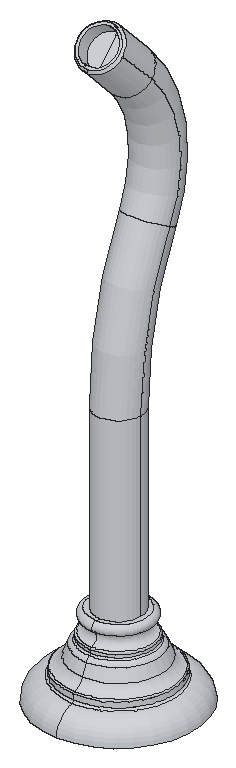
Revit family "Shower-Showerarm-KOHLER-Artifacts-K-72775", category Plumbing Fixtures, host Face, Revit 2015
Parameters (values of type "CP-Polished Chrome")
  Width = 2 3/4"  # constant formula
  WaterSense Certified = 1 = 0  # no
  Waste Water Outlet = "Waste Water Outlet"  # constant formula
  Waste Connection = 1 = 0  # no
  Vent Connection = 1 = 0  # no
  URL = "https://www.us.kohler.com/us/"
  Type = 1
  Tempered water Inlet = "Tempered water Inlet"  # constant formula
  Product Page URL = "http://www.us.kohler.com/us/catalog/productDetails.jsp?productNumber=72775"
  Product Name = "Artifacts"  # constant formula
  Product Documentation Link = "https://www.us.kohler.com/webassets/kpna/catalog/pdf/en/K-72775_spec.pdf"
  Model = if(Type = 1, "K-72775-CP", if(Type = 2, "K-72775-SN", if(Type = 3, "K-72775-BN", if(Type = 4, "K-72775-BV", if(Type = 5, "K-72775-2BZ", if(Type = 6, "K-72775-VNT", "NA"))))))  # "K-72775-CP"
  Material = "Durable Metal Construction"  # constant formula
  MasterFormat 2004 = "22.41.23"  # constant formula
  MasterFormat 1995 = "15410"  # constant formula
  Manufacturer Address = "444 Highland Dr, Kohler, WI 53044"  # constant formula
  Manufacturer = "KOHLER Co."  # constant formula
  Length = 10 11/16"  # constant formula
  Hot Water Inlet = "Hot Water Inlet"  # constant formula
  Height = 2 3/4"  # constant formula
  HW Connection = 1 = 1  # yes
  Finish = Kohler-Metal-CP-Polished_Chrome
  Environmental Product Declaration = ""
  Drain Included = 1 = 0  # no
  Description = "Shower arm and flange"  # constant formula
  Default Elevation = 72"
  Declare Label = ""
  Date Modified = "09/27/2019"  # constant formula
  Date Created = "09/27/2019"  # constant formula
  Copyright = "Copyright KOHLER Co."  # constant formula
  Contact Us = "https://www.us.kohler.com/us/static/contact.jsp"
  Cold Water Inlet = "Cold Water Inlet"  # constant formula
  CW Connection = 1 = 0  # no
  Assembly Code = "D2010700"
  ADA Compliant = 1 = 0  # no
Types (6): name | Type | Model | Finish
  CP-Polished Chrome | 1 | "K-72775-CP" | Kohler-Metal-CP-Polished_Chrome
  SN-Vibrant Polished Nickel | 2 | "K-72775-SN" | Kohler-Metal-SN-Vibrant_Polished_Nickel
  BN-Vibrant Brushed Nickel | 3 | "K-72775-BN" | Kohler-Metal-BN-Vibrant_Brushed_Nickel
  BV-Vibrant Brushed Bronze | 4 | "K-72775-BV" | Kohler-Metal-BV-Brushed_Bronze
  2BZ-Oil Rubbed Bronze | 5 | "K-72775-2BZ" | Kohler-Metal-2BZ-Oil_Rubbed_Bronze
  VNT-Vintage Nickel | 6 | "K-72775-VNT" | Kohler-Metal-VNT-Vintage_Nickel
Reference planes (in)
  plane 1 "Center (Front/Back)": y = 0
  plane 2: z = 0
  plane 3 "Center (Left/Right)": x = 0
  plane 4: x = 1.375
  plane 5: x = -1.375
  plane 6: y = 1.375
  plane 7: y = -1.375
  plane 8: z = 10.6875
  plane 9: y = 1.3125
  plane 10: y = -0.6875
Dimensions and locks (in)
  "Width": plane 5 to plane 4
  "Height": plane 7 to plane 6
  "Length": plane 8 to level
  plane 9 to plane 10 = 2"
  plane 1 "Center (Front/Back)" to plane 10 = 11/16"
  aligned and locked: plane 2 to host face
  aligned and locked: level to host face
Automatic sketch dimensions
  host sketch curve to host sketch curve = 96"  (x2)
Nested families (in)
  nested 1: "K-72775" at (0, 0, 0), type "K-72775"
Connectors (in)
  piping at (0, 0, 0), diameter 0.5, driven by "Tempered water Inlet", driven by "HW Connection"
    settings: on nested 1, index 1, connector inside diameter 24", connector length 0", flow factor 0, pipe flow 0 GPM, pressure drop 0.00 psi, fitting loss kfactor 0, connector angle 0.00°, fixture units 0, engagement length 0", angle of deflection 0.00°, flow configuration 0, flow direction 1, fitting loss method 0, system type 19, joint type 0, gender type 0, connector reference index -1, connector utility 1, adjustable connector no, is connector primary yes, connector description "Tempered water Inlet"
Definition of nested family "K-72775"
  Parameters (values of type "K-72775")
    Material = none
  Reference planes (in)
    plane 1 "Center (Front/Back)": y = 0
    plane 2: z = 0
    plane 3 "Center (Left/Right)": x = 0
    plane 4: y = 1.375
    plane 5: y = -1.375
    plane 6: x = -1.375
    plane 7: x = 1.375
    plane 8: y = -0.6875
    plane 9: y = 1.3125
    plane 10: z = 10.6875
    plane 11: z = 10.9375
  Forms (in)
    Revolve 1, solid, material <- "Material", detail levels medium+fine
      sketch origin (0, 0, 0) x (0, 1, 0) y (0, 0, 1)
        loop
          line (0, 0) -> (0, 1.494) -> (-0.4975, 1.494)
          arc (-0.4975, 1.494) -> (-0.5754, 1.4479) -> (-0.57248, 1.35742) r 0.08887
          arc (-0.57248, 1.35742) -> (-0.484, 1.22608) -> (-0.58857, 1.10714) r 0.12965
          arc (-0.58857, 1.10714) -> (-0.60582, 1.09687) -> (-0.6126, 1.07797) r 0.02972
          line (-0.6126, 1.07797) -> (-0.6126, 1.0258)
          arc (-0.6126, 1.0258) -> (-0.61887, 1.00512) -> (-0.63557, 0.99141) r 0.03723
          arc (-0.63557, 0.99141) -> (-0.67938, 0.96191) -> (-0.70831, 0.91772) r 0.13335
          line (-0.70831, 0.91772) -> (-0.78872, 0.7165)
          arc (-0.78872, 0.7165) -> (-0.8597, 0.61498) -> (-0.96837, 0.5555) r 0.27178
          arc (-0.96837, 0.5555) -> (-0.9826, 0.54584) -> (-0.98809, 0.52955) r 0.02693
          line (-0.98809, 0.52955) -> (-0.98809, 0.43255)
          arc (-0.98809, 0.43255) -> (-0.99758, 0.40815) -> (-1.02105, 0.39657) r 0.03612
          arc (-1.02105, 0.39657) -> (-1.27661, 0.26842) -> (-1.375, 0) r 0.38796
          line (-1.375, 0) -> (0, 0)
        axis (0, 0) -> (0, 1.494)
      angle from 0 to 360
    Sweep 2, solid, material <- "Material", detail levels medium+fine
      path origin (0, 0, -0.19922) x (0, 1, 0) y (0, 0, 1)
        loop
          line (-0.40732, 1.494) -> (-0.40732, 4.91649)
          arc (-0.40732, 4.91649) -> (-0.23046, 6.4217) -> (0.29048, 7.84491) r 6.49371
          arc (0.29048, 7.84491) -> (0.46057, 8.93706) -> (-0.04216, 9.92143) r 1.79295
          line (-0.04216, 9.92143) -> (-0.71538, 10.59465)
      profile origin (0, -0.40732, 1.29478) x (0, -1, 0) y (1, 0, 0)
        loop
          circle (-0.40732, 0) r 0.40732
    Sweep 3, solid, material <- "Material", detail levels coarse
      path origin (0, 0, -0.1875) x (0, 1, 0) y (0, 0, 1)
        loop
          line (-0.40732, 1.6815) -> (-0.40732, 4.86863)
          arc (-0.40732, 4.86863) -> (-0.23046, 6.37384) -> (0.29048, 7.79705) r 6.49371
          arc (0.29048, 7.79705) -> (0.46057, 8.8892) -> (-0.04216, 9.87357) r 1.79295
          line (-0.04216, 9.87357) -> (-0.71538, 10.54679)
      profile origin (0, -0.40732, 3.08757) x (0, -1, 0) y (1, 0, 0)
        loop
          circle (-0.40732, 0) r 0.44358
    Revolve 4, solid, material <- "Material", detail levels coarse
      sketch origin (0, 0, 0) x (0, 1, 0) y (0, 0, 1)
        loop
          line (0, 0) -> (1.375, 0) -> (1.375, 0.994) -> (0.75, 0.994) -> (0.75, 1.494) -> (0, 1.494) -> (0, 0)
        axis (0, 0) -> (0, 1.494)
      angle from 0 to 360
    Revolve 5, void
      sketch origin (0, 0, 0) x (0, 1, 0) y (0, 0, 1)
        loop
          line (-0.42737, 10.68345) -> (-0.65717, 10.45364) -> (-0.4804, 10.27687) -> (-0.25059, 10.50668) -> (-0.42737, 10.68345)
        loop
          line (-0.6875, 10.44978) -> (-0.74421, 10.39307) -> (-0.6875, 10.33635) -> (-0.6875, 10.44978)
        axis (-0.4406, 10.69668) -> (-0.25059, 10.50668)
      angle from 0 to 360
  Cuts and joins
    joined: Sweep 3, Revolve 4
    Revolve 5 cuts Sweep 2
    joined: Revolve 1, Sweep 2
  Lines and regions (in)
    Masking region 1
      outline origin (0, 0, 0) x (1, 0, 0) y (0, 1, 0)
        loop
          circle (0, 0) r 1.375
    Masking region 2
      outline origin (0, 0, 0) x (1, 0, 0) y (0, 0, 1)
        loop
          line (0.00013, 0) -> (1.37487, 0)
          arc (1.37487, 0) -> (1.27648, 0.26842) -> (1.02092, 0.39657) r 0.38796
          arc (1.02092, 0.39657) -> (0.99745, 0.40815) -> (0.98796, 0.43255) r 0.03612
          line (0.98796, 0.43255) -> (0.98796, 0.52955)
          arc (0.98796, 0.52955) -> (0.98247, 0.54584) -> (0.96824, 0.5555) r 0.02693
          arc (0.96824, 0.5555) -> (0.85957, 0.61498) -> (0.78859, 0.7165) r 0.27178
          line (0.78859, 0.7165) -> (0.70818, 0.91772)
          arc (0.70818, 0.91772) -> (0.67925, 0.96191) -> (0.63543, 0.99141) r 0.13335
          arc (0.63543, 0.99141) -> (0.61874, 1.00512) -> (0.61247, 1.0258) r 0.03723
          line (0.61247, 1.0258) -> (0.61247, 1.07797)
          arc (0.61247, 1.07797) -> (0.60569, 1.09687) -> (0.58844, 1.10714) r 0.02972
          arc (0.58844, 1.10714) -> (0.48387, 1.22608) -> (0.57235, 1.35742) r 0.12965
          arc (0.57235, 1.35742) -> (0.57527, 1.4479) -> (0.49737, 1.494) r 0.08887
          line (0.49737, 1.494) -> (0.40732, 1.494) -> (0.40732, 10.64948)
          spline (0.40732, 10.64948) -> (0.39344, 10.72403) -> (0.35275, 10.79349) -> (0.28802, 10.85314) -> (0.20366, 10.89891) -> (0.10542, 10.92769) -> (0, 10.9375) -> (-0.10542, 10.92769) -> (-0.20366, 10.89891) -> (-0.28802, 10.85314) -> (-0.35275, 10.79349) -> (-0.39344, 10.72403) -> (-0.40732, 10.64948)
          line (-0.40732, 10.64948) -> (-0.40732, 1.494) -> (-0.49737, 1.494)
          arc (-0.49737, 1.494) -> (-0.57527, 1.4479) -> (-0.57235, 1.35742) r 0.08887
          arc (-0.57235, 1.35742) -> (-0.48387, 1.22608) -> (-0.58844, 1.10714) r 0.12965
          arc (-0.58844, 1.10714) -> (-0.60569, 1.09687) -> (-0.61247, 1.07797) r 0.02972
          line (-0.61247, 1.07797) -> (-0.61247, 1.0258)
          arc (-0.61247, 1.0258) -> (-0.61874, 1.00512) -> (-0.63543, 0.99141) r 0.03723
          arc (-0.63543, 0.99141) -> (-0.67925, 0.96191) -> (-0.70818, 0.91772) r 0.13335
          line (-0.70818, 0.91772) -> (-0.78859, 0.7165)
          arc (-0.78859, 0.7165) -> (-0.85957, 0.61498) -> (-0.96824, 0.5555) r 0.27178
          arc (-0.96824, 0.5555) -> (-0.98247, 0.54584) -> (-0.98796, 0.52955) r 0.02693
          line (-0.98796, 0.52955) -> (-0.98796, 0.43255)
          arc (-0.98796, 0.43255) -> (-0.99745, 0.40815) -> (-1.02092, 0.39657) r 0.03612
          arc (-1.02092, 0.39657) -> (-1.27648, 0.26842) -> (-1.37487, 0) r 0.38796
          line (-1.37487, 0) -> (0.00013, 0)
    Masking region 3
      outline origin (0, 0, 0) x (0, 1, 0) y (0, 0, 1)
        loop
          line (-0.00013, 0) -> (1.37487, 0)
          arc (1.37487, 0) -> (1.27648, 0.26842) -> (1.02092, 0.39657) r 0.38796
          arc (1.02092, 0.39657) -> (0.99745, 0.40815) -> (0.98796, 0.43255) r 0.03612
          line (0.98796, 0.43255) -> (0.98796, 0.52955)
          arc (0.98796, 0.52955) -> (0.98247, 0.54584) -> (0.96824, 0.5555) r 0.02693
          arc (0.96824, 0.5555) -> (0.85957, 0.61498) -> (0.78859, 0.7165) r 0.27178
          line (0.78859, 0.7165) -> (0.70818, 0.91772)
          arc (0.70818, 0.91772) -> (0.67925, 0.96191) -> (0.63543, 0.99141) r 0.13335
          arc (0.63543, 0.99141) -> (0.61874, 1.00512) -> (0.61247, 1.0258) r 0.03723
          line (0.61247, 1.0258) -> (0.61247, 1.07797)
          arc (0.61247, 1.07797) -> (0.60569, 1.09687) -> (0.58844, 1.10714) r 0.02972
          arc (0.58844, 1.10714) -> (0.48387, 1.22608) -> (0.57235, 1.35742) r 0.12965
          arc (0.57235, 1.35742) -> (0.57527, 1.4479) -> (0.49737, 1.494) r 0.08887
          line (0.49737, 1.494) -> (0.40732, 1.494) -> (0.40732, 4.869)
          arc (0.40732, 4.869) -> (0.56968, 6.14042) -> (1.04633, 7.33023) r 5.0594
          arc (1.04633, 7.33023) -> (1.25156, 7.87793) -> (1.3125, 8.45964) r 2.30761
          arc (1.3125, 8.45964) -> (1.05035, 9.51827) -> (0.43049, 10.4156) r 3.03118
          line (0.43049, 10.4156) -> (-0.09141, 10.9375) -> (-0.17907, 10.9375) -> (-0.42907, 10.6875) -> (-0.6875, 10.42907) -> (-0.6875, 10.35827) -> (-0.04214, 9.71291)
          arc (-0.04214, 9.71291) -> (0.46121, 8.72153) -> (0.28258, 7.62413) r 1.79114
          arc (0.28258, 7.62413) -> (-0.23237, 6.24649) -> (-0.40732, 4.78619) r 6.18194
          line (-0.40732, 4.78619) -> (-0.40732, 1.494) -> (-0.49737, 1.494)
          arc (-0.49737, 1.494) -> (-0.57527, 1.4479) -> (-0.57235, 1.35742) r 0.08887
          arc (-0.57235, 1.35742) -> (-0.48387, 1.22608) -> (-0.58844, 1.10714) r 0.12965
          arc (-0.58844, 1.10714) -> (-0.60569, 1.09687) -> (-0.61247, 1.07797) r 0.02972
          line (-0.61247, 1.07797) -> (-0.61247, 1.0258)
          arc (-0.61247, 1.0258) -> (-0.61874, 1.00512) -> (-0.63543, 0.99141) r 0.03723
          arc (-0.63543, 0.99141) -> (-0.67925, 0.96191) -> (-0.70818, 0.91772) r 0.13335
          line (-0.70818, 0.91772) -> (-0.78859, 0.7165)
          arc (-0.78859, 0.7165) -> (-0.85957, 0.61498) -> (-0.96824, 0.5555) r 0.27178
          arc (-0.96824, 0.5555) -> (-0.98247, 0.54584) -> (-0.98796, 0.52955) r 0.02693
          line (-0.98796, 0.52955) -> (-0.98796, 0.43255)
          arc (-0.98796, 0.43255) -> (-0.99745, 0.40815) -> (-1.02092, 0.39657) r 0.03612
          arc (-1.02092, 0.39657) -> (-1.27648, 0.26842) -> (-1.37487, 0) r 0.38796
          line (-1.37487, 0) -> (-0.00013, 0)
    symbolic lines, detail levels medium+fine
      curve 1: arc (-0.40732, 0.89995, 0) -> (0, -0.98784, 0) -> (0.40732, 0.89995, 0) r 0.98784
      curve 2: line (-0.40732, -0.40228, 0) -> (-0.40732, 0.90585, 0)
      curve 3: line (0.40732, -0.40228, 0) -> (0.40732, 0.90585, 0)
      curve 4: arc (-0.40732, 0.90585, 0) -> (-0.28798, 1.19363, 0) -> (0, 1.3125, 0) r 0.40665
      curve 5: arc (0.40732, 0.90585, 0) -> (0.28798, 1.19363, 0) -> (0, 1.3125, 0) r 0.40665
      curve 6: spline (0.35967, -0.39948, 0) -> (0.34741, -0.33366, 0) -> (0.31148, -0.27232, 0) -> (0.25433, -0.21965, 0) -> (0.17984, -0.17923, 0) -> (0.09309, -0.15382, 0) -> (0, -0.14516, 0) -> (-0.09309, -0.15382, 0) -> (-0.17984, -0.17923, 0) -> (-0.25433, -0.21965, 0) -> (-0.31148, -0.27232, 0) -> (-0.34741, -0.33366, 0) -> (-0.35967, -0.39948, 0)
      curve 7: spline (-0.35967, -0.39948, 0) -> (-0.34741, -0.47403, 0) -> (-0.31148, -0.54349, 0) -> (-0.25433, -0.60314, 0) -> (-0.17984, -0.64891, 0) -> (-0.09309, -0.67769, 0) -> (0, -0.6875, 0) -> (0.09309, -0.67769, 0) -> (0.17984, -0.64891, 0) -> (0.25433, -0.60314, 0) -> (0.31148, -0.54349, 0) -> (0.34741, -0.47403, 0) -> (0.35967, -0.39948, 0)
      curve 8: arc (-0.40732, 0.45998, 0) -> (-0.56024, 0.25222, 0) -> (-0.6144, 0, 0) r 0.6144
      curve 9: arc (-0.6144, 0, 0) -> (-0.55731, -0.25765, 0) -> (-0.39672, -0.46706, 0) r 0.60992
      curve 10: arc (0.40732, 0.45998, 0) -> (0.56024, 0.25222, 0) -> (0.6144, 0, 0) r 0.6144
      curve 11: arc (0.6144, 0, 0) -> (0.55731, -0.25765, 0) -> (0.39672, -0.46706, 0) r 0.60992
      curve 12: arc (-0.40732, 0.40228, 0) -> (-0.57248, 0, 0) -> (-0.40732, -0.40228, 0) r 0.57248
      curve 13: arc (0.40732, -0.40228, 0) -> (0.57248, 0, 0) -> (0.40732, 0.40228, 0) r 0.57248
      curve 14: spline (-0.40732, -0.40228, 0) -> (-0.39344, -0.47627, 0) -> (-0.35275, -0.54522, 0) -> (-0.28802, -0.60443, 0) -> (-0.20366, -0.64986, 0) -> (-0.10542, -0.67842, 0) -> (0, -0.68816, 0) -> (0.10542, -0.67842, 0) -> (0.20366, -0.64986, 0) -> (0.28802, -0.60443, 0) -> (0.35275, -0.54522, 0) -> (0.39344, -0.47627, 0) -> (0.40732, -0.40228, 0)
      curve 15: spline (-0.40732, -0.40228, 0) -> (-0.39344, -0.31946, 0) -> (-0.35275, -0.2423, 0) -> (-0.28802, -0.17603, 0) -> (-0.20366, -0.12518, 0) -> (-0.10542, -0.09322, 0) -> (0, -0.08232, 0) -> (0.10542, -0.09322, 0) -> (0.20366, -0.12518, 0) -> (0.28802, -0.17603, 0) -> (0.35275, -0.2423, 0) -> (0.39344, -0.31946, 0) -> (0.40732, -0.40228, 0)
      curve 16: spline (-0.28541, -0.42396, 0) -> (-0.27569, -0.37034, 0) -> (-0.24718, -0.32038, 0) -> (-0.20182, -0.27747, 0) -> (-0.14271, -0.24455, 0) -> (-0.07387, -0.22386, 0) -> (0, -0.2168, 0) -> (0.07387, -0.22386, 0) -> (0.14271, -0.24455, 0) -> (0.20182, -0.27747, 0) -> (0.24718, -0.32038, 0) -> (0.27569, -0.37034, 0) -> (0.28541, -0.42396, 0) -> (0.27569, -0.47758, 0) -> (0.24718, -0.52754, 0) -> (0.20182, -0.57045, 0) -> (0.14271, -0.60337, 0) -> (0.07387, -0.62407, 0) -> (0, -0.63113, 0) -> (-0.07387, -0.62407, 0) -> (-0.14271, -0.60337, 0) -> (-0.20182, -0.57045, 0) -> (-0.24718, -0.52754, 0) -> (-0.27569, -0.47758, 0) -> (-0.28541, -0.42396, 0)
      curve 17: line (0.40732, 0, 1.494) -> (-0.40732, 0, 1.494)
      curve 18: line (0.57235, 0, 1.35742) -> (-0.57235, 0, 1.35742)
      curve 19: line (0.58844, 0, 1.10714) -> (-0.58844, 0, 1.10714)
      curve 20: line (0.63543, 0, 0.99141) -> (-0.63543, 0, 0.99141)
      curve 21: line (0.96824, 0, 0.5555) -> (-0.96824, 0, 0.5555)
      curve 22: line (-1.02092, 0, 0.39657) -> (1.02092, 0, 0.39657)
      curve 23: line (0, 0.40732, 1.494) -> (0, -0.40732, 1.494)
      curve 24: line (0, 0.57248, 1.35742) -> (0, -0.57235, 1.35742)
      curve 25: line (0, 0.58844, 1.10714) -> (0, -0.58844, 1.10714)
      curve 26: line (0, 0.63543, 0.99141) -> (0, -0.63543, 0.99141)
      curve 27: line (0, 0.96824, 0.5555) -> (0, -0.96824, 0.5555)
      curve 28: line (0, 1.02092, 0.39657) -> (0, -1.02092, 0.39657)
      curve 29: line (0, -0.03975, 10.88583) -> (0, -0.62741, 10.29817)
      curve 30: line (0, -0.0066, 10.85268) -> (0, -0.59426, 10.26502)
      curve 31: line (0, 0.02654, 10.81954) -> (0, -0.56112, 10.23188)
      curve 32: spline (-0.40732, -0.28663, 0) -> (-0.39344, -0.22192, 0) -> (-0.35275, -0.16163, 0) -> (-0.28802, -0.10985, 0) -> (-0.20366, -0.07012, 0) -> (-0.10542, -0.04515, 0) -> (0, -0.03663, 0) -> (0.10542, -0.04515, 0) -> (0.20366, -0.07012, 0) -> (0.28802, -0.10985, 0) -> (0.35275, -0.16163, 0) -> (0.39344, -0.22192, 0) -> (0.40732, -0.28663, 0)
      curve 33: spline (-0.40732, -0.2168, 0) -> (-0.39344, -0.15817, 0) -> (-0.35275, -0.10354, 0) -> (-0.28802, -0.05663, 0) -> (-0.20366, -0.02063, 0) -> (-0.10542, 0.002, 0) -> (0, 0.00972, 0) -> (0.10542, 0.002, 0) -> (0.20366, -0.02063, 0) -> (0.28802, -0.05663, 0) -> (0.35275, -0.10354, 0) -> (0.39344, -0.15817, 0) -> (0.40732, -0.2168, 0)
      curve 34: spline (-0.40732, -0.12678, 0) -> (-0.39344, -0.08053, 0) -> (-0.35275, -0.03744, 0) -> (-0.28802, -0.00043, 0) -> (-0.20366, 0.02797, 0) -> (-0.10542, 0.04582, 0) -> (0, 0.05191, 0) -> (0.10542, 0.04582, 0) -> (0.20366, 0.02797, 0) -> (0.28802, -0.00043, 0) -> (0.35275, -0.03744, 0) -> (0.39344, -0.08053, 0) -> (0.40732, -0.12678, 0)
      curve 35: line (0, -0.07126, 10.91734) -> (0, -0.65892, 10.32968)
      curve 36: spline (-0.40732, 0, 10.61034) -> (-0.39344, 0, 10.68773) -> (-0.35275, 0, 10.75985) -> (-0.28802, 0, 10.82178) -> (-0.20366, 0, 10.8693) -> (-0.10542, 0, 10.89917) -> (0, 0, 10.90936) -> (0.10542, 0, 10.89917) -> (0.20366, 0, 10.8693) -> (0.28802, 0, 10.82178) -> (0.35275, 0, 10.75985) -> (0.39344, 0, 10.68773) -> (0.40732, 0, 10.61034)
      curve 37: spline (-0.40732, 0, 10.57534) -> (-0.39344, 0, 10.65273) -> (-0.35275, 0, 10.72484) -> (-0.28802, 0, 10.78677) -> (-0.20366, 0, 10.83429) -> (-0.10542, 0, 10.86416) -> (0, 0, 10.87435) -> (0.10542, 0, 10.86416) -> (0.20366, 0, 10.83429) -> (0.28802, 0, 10.78677) -> (0.35275, 0, 10.72484) -> (0.39344, 0, 10.65273) -> (0.40732, 0, 10.57534)
      curve 38: spline (-0.40732, 0, 10.54033) -> (-0.39344, 0, 10.61772) -> (-0.35275, 0, 10.68984) -> (-0.28802, 0, 10.75176) -> (-0.20366, 0, 10.79928) -> (-0.10542, 0, 10.82916) -> (0, 0, 10.83934) -> (0.10542, 0, 10.82916) -> (0.20366, 0, 10.79928) -> (0.28802, 0, 10.75176) -> (0.35275, 0, 10.68984) -> (0.39344, 0, 10.61772) -> (0.40732, 0, 10.54033)
      curve 39: spline (-0.40732, 0, 10.50678) -> (-0.39344, 0, 10.58417) -> (-0.35275, 0, 10.65629) -> (-0.28802, 0, 10.71822) -> (-0.20366, 0, 10.76574) -> (-0.10542, 0, 10.79561) -> (0, 0, 10.8058) -> (0.10542, 0, 10.79561) -> (0.20366, 0, 10.76574) -> (0.28802, 0, 10.71822) -> (0.35275, 0, 10.65629) -> (0.39344, 0, 10.58417) -> (0.40732, 0, 10.50678)
  Dimensions and locks (in)
    plane 10 to level = 10 11/16"
    plane 11 to level = 10 15/16"
    aligned and locked: plane 2 to level
